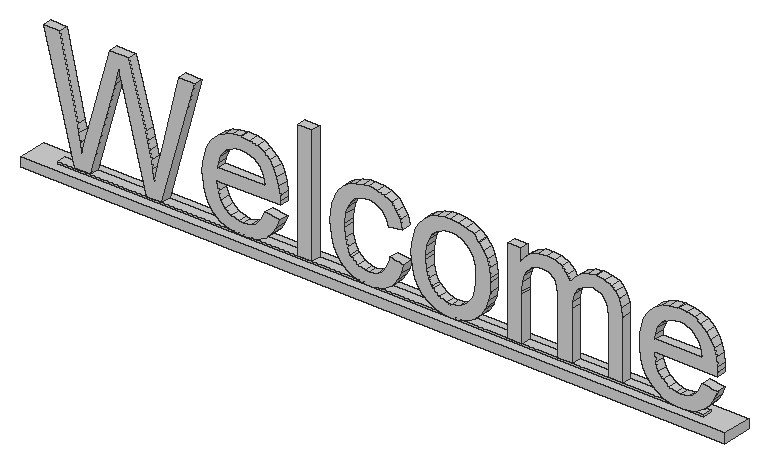
Revit family "Trellis_Canopy-McD", category Generic Models, host Wall, Revit 2012
Parameters (values of type "Welcome Sign")
  Watermarked By = "http://revitwatermark.com"
  Type Mark = "ML"  # constant formula
  Type Comments = "Metal Lettering - By Others"
  Square Footage - Bounding Box = 2.60 SF  # constant formula
  Square Footage = 1.70 SF  # constant formula
  MasterFormat Number = "10.14.00"  # constant formula
  Manufacturer = "Everbrite"
  Letter Depth = 0' - 0 5/8"
  Keynote = "10.14.00"  # constant formula
  Finish = Metal - Aluminum
  Description = "Signage - Welcome"
  Base Length = 4' - 0"
  Base Height = 0' - 0 5/8"
  Base Depth = 0' - 2"
Reference planes (in)
  plane 1 "Center (Front/Back)": y = 0
  plane 2: z = 0
  plane 3 "Center (Left/Right)": x = 0
  plane 4 "Track Mount Front": y = -0.3125
  plane 5 "Track Mount Rear": y = 0.3125
  plane 6 "Base Rear": y = 1
  plane 7 "Base Front": y = -1
  plane 8 "Base Left": x = -24
  plane 9 "Base Right": x = 24
  plane 10: x = -22
  plane 11: x = 22
  plane 12 "Base Top": z = 0.625
  plane 13: z = 0.75
Forms (in)
  Extrusion 1, solid, material "Metal - Aluminum" <- "Finish"
    sketch origin (0, 0, 0) x (1, 0, 0) y (0, 0, 1)
      loop
        line (-20.84935, 0.75) -> (-19.76887, 0.75) -> (-18.07384, 6.85074) -> (-17.971, 7.22099) -> (-17.84072, 7.79009) -> (-17.77216, 7.51582) -> (-17.58703, 6.85074) -> (-15.90032, 0.75527) -> (-14.88555, 0.75527) -> (-12.69146, 8.75) -> (-13.75422, 8.75) -> (-15.00897, 3.61445) -> (-15.05011, 3.44304) -> (-15.18724, 2.87395) -> (-15.3038, 2.35285) -> (-15.40665, 1.87289) -> (-15.43407, 2.0443) -> (-15.51635, 2.55169) -> (-15.6192, 3.07279) -> (-15.74262, 3.60074) -> (-15.87289, 4.14926) -> (-16.03059, 4.70464) -> (-17.17564, 8.75) -> (-18.45095, 8.75) -> (-19.97311, 3.3539) -> (-20.0211, 3.14821) -> (-20.14452, 2.64768) -> (-20.32965, 1.87289) -> (-20.3365, 1.91403) -> (-20.43935, 2.44198) -> (-20.54905, 2.97679) -> (-20.66562, 3.5116) -> (-21.88608, 8.75) -> (-22.96941, 8.75) -> (-20.84935, 0.75)
      loop
        line (-10.93618, 1.02268) -> (-10.48365, 0.79641) -> (-9.96941, 0.66614) -> (-9.39346, 0.625) -> (-9.21519, 0.625) -> (-8.65981, 0.70042) -> (-8.16614, 0.85812) -> (-7.74104, 1.11181) -> (-7.67933, 1.15981) -> (-7.32279, 1.52321) -> (-7.04167, 1.96888) -> (-6.84968, 2.49684) -> (-7.86445, 2.62025) -> (-7.87817, 2.57911) -> (-8.13871, 2.06487) -> (-8.46783, 1.71519) -> (-8.8518, 1.51635) -> (-9.39346, 1.42722) -> (-9.69515, 1.45464) -> (-10.18882, 1.6192) -> (-10.60021, 1.9346) -> (-10.87447, 2.32542) -> (-11.0596, 2.81224) -> (-11.14188, 3.4019) -> (-6.82226, 3.4019) -> (-6.8154, 3.66245) -> (-6.82912, 3.99156) -> (-6.90454, 4.56065) -> (-7.04852, 5.06118) -> (-7.26108, 5.50686) -> (-7.55789, 5.8934) -> (-7.95359, 6.24051) -> (-8.39926, 6.48049) -> (-8.89979, 6.63133) -> (-9.44831, 6.67933) -> (-9.52374, 6.67933) -> (-10.07226, 6.61762) -> (-10.57279, 6.46677) -> (-11.01161, 6.21308) -> (-11.40243, 5.87025) -> (-11.59441, 5.64399) -> (-11.84125, 5.22574) -> (-12.01266, 4.74578) -> (-12.12237, 4.20411) -> (-12.15665, 3.60074) -> (-12.14979, 3.30591) -> (-12.07437, 2.73681) -> (-11.92353, 2.22943) -> (-11.70412, 1.79061) -> (-11.40929, 1.40665) -> (-11.33386, 1.33122) -> (-10.93618, 1.02268)
      loop
        line (-11.08703, 4.20411) -> (-7.85074, 4.20411) -> (-7.96044, 4.80063) -> (-8.173, 5.2326) -> (-8.22099, 5.30116) -> (-8.61867, 5.65084) -> (-9.09177, 5.83597) -> (-9.44146, 5.87025) -> (-9.96941, 5.78798) -> (-10.4288, 5.548) -> (-10.57279, 5.41772) -> (-10.87447, 5.01319) -> (-11.04589, 4.51266) -> (-11.08703, 4.20411)
      loop
        line (-5.64293, 0.75527) -> (-4.65559, 0.75527) -> (-4.65559, 8.75) -> (-5.64293, 8.75) -> (-5.64293, 0.75527)
      loop
        line (-3.20886, 2.22257) -> (-2.99631, 1.7769) -> (-2.70619, 1.39699) -> (-2.31065, 1.05696) -> (-1.86498, 0.81698) -> (-1.36445, 0.673) -> (-0.80222, 0.625) -> (-0.64451, 0.625) -> (-0.1097, 0.70728) -> (0.37711, 0.89926) -> (0.80222, 1.18724) -> (0.93935, 1.31751) -> (1.24789, 1.72205) -> (1.47416, 2.19515) -> (1.61129, 2.75053) -> (0.64451, 2.87395) -> (0.61023, 2.69568) -> (0.43882, 2.16772) -> (0.15084, 1.78376) -> (-0.28112, 1.52321) -> (-0.81593, 1.42722) -> (-1.09705, 1.45464) -> (-1.58386, 1.62606) -> (-1.98154, 1.96203) -> (-2.07068, 2.07859) -> (-2.26952, 2.48998) -> (-2.38608, 3.01793) -> (-2.42722, 3.65559) -> (-2.42036, 3.89557) -> (-2.35179, 4.48523) -> (-2.20095, 4.97205) -> (-1.96097, 5.3423) -> (-1.74156, 5.55485) -> (-1.28903, 5.79483) -> (-0.76108, 5.87025) -> (-0.37711, 5.82226) -> (0.08228, 5.57542) -> (0.3634, 5.2326) -> (0.56224, 4.69779) -> (1.5153, 4.84863) -> (1.3576, 5.3903) -> (1.09705, 5.84283) -> (0.73061, 6.22363) -> (0.28112, 6.48049) -> (-0.21941, 6.63133) -> (-0.79536, 6.67933) -> (-1.16561, 6.65876) -> (-1.68671, 6.5422) -> (-2.17352, 6.32964) -> (-2.48892, 6.11709) -> (-2.85232, 5.73998) -> (-3.12658, 5.27374) -> (-3.14715, 5.21203) -> (-3.31171, 4.73207) -> (-3.4077, 4.20411) -> (-3.43513, 3.62817) -> (-3.42827, 3.29905) -> (-3.35285, 2.72996) -> (-3.20886, 2.22257)
      loop
        line (2.54378, 1.7769) -> (2.83175, 1.39979) -> (2.87975, 1.35865) -> (3.27743, 1.03639) -> (3.72996, 0.80327) -> (4.23734, 0.66614) -> (4.79958, 0.625) -> (5.1904, 0.64557) -> (5.7115, 0.76213) -> (6.19831, 0.97468) -> (6.49314, 1.16667) -> (6.87711, 1.53006) -> (7.1788, 1.97574) -> (7.24051, 2.11973) -> (7.39135, 2.57226) -> (7.48049, 3.10707) -> (7.50791, 3.73101) -> (7.50106, 4.00527) -> (7.42563, 4.56751) -> (7.28165, 5.0749) -> (7.05538, 5.51371) -> (6.75369, 5.89768) -> (6.71255, 5.93196) -> (6.31487, 6.26108) -> (5.86234, 6.4942) -> (5.35496, 6.63133) -> (4.79958, 6.67933) -> (4.39504, 6.6519) -> (3.87395, 6.5422) -> (3.40084, 6.3365) -> (2.97574, 6.03481) -> (2.65348, 5.69198) -> (2.40665, 5.28059) -> (2.22838, 4.80749) -> (2.11867, 4.25897) -> (2.08439, 3.64873) -> (2.0981, 3.28534) -> (2.17352, 2.71625) -> (2.32437, 2.21572) -> (2.54378, 1.7769)
      loop
        line (3.26371, 2.51741) -> (3.48312, 2.09916) -> (3.57911, 1.98945) -> (3.98365, 1.64662) -> (4.45675, 1.4615) -> (4.79958, 1.42722) -> (5.32068, 1.50949) -> (5.76635, 1.74947) -> (6.01319, 1.98945) -> (6.26002, 2.36656) -> (6.41772, 2.84652) -> (6.49314, 3.42933) -> (6.5, 3.68302) -> (6.45201, 4.29325) -> (6.31487, 4.80063) -> (6.08861, 5.21888) -> (6.01319, 5.31487) -> (5.60179, 5.6577) -> (5.12869, 5.83597) -> (4.79958, 5.8634) -> (4.27163, 5.78798) -> (3.82595, 5.548) -> (3.57911, 5.31487) -> (3.33228, 4.93091) -> (3.16772, 4.45095) -> (3.09916, 3.86814) -> (3.0923, 3.64873) -> (3.13344, 3.03165) -> (3.26371, 2.51741)
      loop
        line (15.09464, 5.67039) -> (15.43407, 5.25317) -> (15.49578, 5.01319) -> (15.53007, 4.40295) -> (15.53007, 0.75527) -> (16.5037, 0.75527) -> (16.5037, 4.73207) -> (16.4557, 5.32859) -> (16.298, 5.82912) -> (16.04431, 6.20622) -> (15.76319, 6.42563) -> (15.29694, 6.61762) -> (14.71414, 6.67933) -> (14.65243, 6.67933) -> (14.1519, 6.6039) -> (13.69251, 6.41192) -> (13.28798, 6.09652) -> (12.93144, 5.66456) -> (12.7326, 6.04852) -> (12.34437, 6.41595) -> (11.86182, 6.61762) -> (11.29272, 6.67933) -> (10.7442, 6.61762) -> (10.26424, 6.42563) -> (9.88028, 6.14452) -> (9.53745, 5.73312) -> (9.53745, 6.54905) -> (8.65981, 6.54905) -> (8.65981, 0.75527) -> (9.6403, 0.75527) -> (9.6403, 3.75844) -> (9.6403, 3.94357) -> (9.68829, 4.53323) -> (9.798, 4.97205) -> (9.94199, 5.24631) -> (10.31224, 5.60971) -> (10.55222, 5.73312) -> (11.07331, 5.82912) -> (11.47099, 5.77426) -> (11.86182, 5.5) -> (12.03323, 5.10918) -> (12.1018, 4.51952) -> (12.1018, 0.75) -> (13.08228, 0.75) -> (13.08228, 4.12184) -> (13.10285, 4.52637) -> (13.23998, 5.04747) -> (13.48682, 5.42458) -> (13.53481, 5.47257) -> (13.96678, 5.73998) -> (14.50159, 5.82912) -> (14.59072, 5.82226) -> (15.09464, 5.67039)
      loop
        line (18.38239, 1.40665) -> (18.45781, 1.33122) -> (18.85549, 1.02268) -> (19.30802, 0.79641) -> (19.82226, 0.66614) -> (20.39135, 0.625) -> (20.57648, 0.625) -> (21.13186, 0.70042) -> (21.62553, 0.85812) -> (22.05064, 1.11181) -> (22.11235, 1.15981) -> (22.46889, 1.52321) -> (22.75, 1.96888) -> (22.94199, 2.49684) -> (21.92722, 2.62025) -> (21.91351, 2.57911) -> (21.65296, 2.06487) -> (21.32384, 1.71519) -> (20.93988, 1.51635) -> (20.39821, 1.42722) -> (20.09652, 1.45464) -> (19.60285, 1.6192) -> (19.19146, 1.9346) -> (18.9172, 2.32542) -> (18.73207, 2.81224) -> (18.64979, 3.4019) -> (22.96941, 3.4019) -> (22.97627, 3.66245) -> (22.96256, 3.99156) -> (22.88714, 4.56065) -> (22.74315, 5.06118) -> (22.52374, 5.50686) -> (22.23392, 5.89329) -> (21.83808, 6.24051) -> (21.39241, 6.48049) -> (20.89188, 6.63133) -> (20.3365, 6.67933) -> (20.26794, 6.67933) -> (19.71941, 6.61762) -> (19.21889, 6.46677) -> (18.78007, 6.21308) -> (18.38924, 5.87025) -> (18.19726, 5.64399) -> (17.95043, 5.22574) -> (17.77901, 4.74578) -> (17.66931, 4.20411) -> (17.63502, 3.60074) -> (17.64188, 3.30591) -> (17.7173, 2.73681) -> (17.86129, 2.22943) -> (18.08756, 1.79061) -> (18.38239, 1.40665)
      loop
        line (18.70465, 4.20411) -> (21.94093, 4.20411) -> (21.83123, 4.80063) -> (21.61868, 5.2326) -> (21.56382, 5.30116) -> (21.173, 5.65084) -> (20.6999, 5.83597) -> (20.35022, 5.87025) -> (19.82226, 5.78798) -> (19.36287, 5.548) -> (19.21889, 5.41772) -> (18.9172, 5.01319) -> (18.74578, 4.51266) -> (18.70465, 4.20411)
    from -0.3125 to 0.3125
  Extrusion 2, solid, material "Metal - Aluminum" <- "Finish"
    sketch origin (0, 0, 0) x (1, 0, 0) y (0, 1, 0)
      loop
        line (-24, 1) -> (-24, -1) -> (24, -1) -> (24, 1) -> (-24, 1)
    from 0 to 0.625
  Extrusion 3, solid, material "Metal - Aluminum" <- "Finish"
    sketch origin (0, 0, 0) x (1, 0, 0) y (0, 1, 0)
      loop
        line (-22, 0.3125) -> (-22, -0.3125) -> (22, -0.3125) -> (22, 0.3125) -> (-22, 0.3125)
    from 0.625 to 0.75
Dimensions and locks (in)
  equal spacing: plane 6 "Base Rear", plane 1 "Center (Front/Back)", plane 7 "Base Front"
  "Base Depth": plane 6 "Base Rear" to plane 7 "Base Front"
  equal spacing: plane 5 "Track Mount Rear", plane 1 "Center (Front/Back)", plane 4 "Track Mount Front"
  "Letter Depth": plane 5 "Track Mount Rear" to plane 4 "Track Mount Front"
  equal spacing: plane 8 "Base Left", plane 3 "Center (Left/Right)", plane 9 "Base Right"
  "Base Length": plane 8 "Base Left" to plane 9 "Base Right"
  locked: plane 8 "Base Left" to plane 10 at 2
  locked: plane 11 to plane 9 "Base Right" at 2
  "Base Height": plane 12 "Base Top" to plane 2
  locked: plane 13 to plane 12 "Base Top" at 0.125
  aligned and locked: plane 2 to level
  aligned and locked: plane 5 "Track Mount Rear" to Extrusion 1
  aligned and locked: Extrusion 1 to plane 4 "Track Mount Front"
  aligned and locked: Extrusion 2 sketch curve to plane 8 "Base Left"
  aligned and locked: plane 9 "Base Right" to Extrusion 2 sketch curve
  aligned and locked: Extrusion 2 sketch curve to plane 6 "Base Rear"
  aligned and locked: plane 7 "Base Front" to Extrusion 2 sketch curve
  aligned and locked: plane 12 "Base Top" to Extrusion 2
  aligned and locked: plane 4 "Track Mount Front" to Extrusion 3 sketch curve
  aligned and locked: Extrusion 3 sketch curve to plane 5 "Track Mount Rear"
  aligned and locked: Extrusion 3 sketch curve to plane 10
  aligned and locked: plane 11 to Extrusion 3 sketch curve
  aligned and locked: Extrusion 1 to plane 13
  aligned and locked: plane 13 to Extrusion 3
  aligned and locked: Extrusion 3 to plane 12 "Base Top"
Automatic sketch dimensions
  level to Extrusion 1 sketch curve = 0' - 8 3/4"  (x2)
  Extrusion 1 sketch curve to plane 3 "Center (Left/Right)" = 1' - 10.96941"
  Extrusion 1 sketch curve to Extrusion 1 sketch curve = 0' - 1.08333"
  level to Extrusion 1 sketch curve = 0' - 0 3/4"  (x2)
  Extrusion 1 sketch curve to Extrusion 1 sketch curve = 0' - 1.03674"
  level to Extrusion 1 sketch curve = 0' - 3.5116"
  Extrusion 1 sketch curve to Extrusion 1 sketch curve = 0' - 0.18373"
  level to Extrusion 1 sketch curve = 0' - 2.97679"
  Extrusion 1 sketch curve to Extrusion 1 sketch curve = 0' - 0.11656"  (x4)
  level to Extrusion 1 sketch curve = 0' - 2.44198"
  Extrusion 1 sketch curve to Extrusion 1 sketch curve = 0' - 0.1097"  (x9)
  level to Extrusion 1 sketch curve = 0' - 1.91403"
  Extrusion 1 sketch curve to Extrusion 1 sketch curve = 0' - 0.10285"  (x3)
  level to Extrusion 1 sketch curve = 0' - 1.87289"  (x2)
  Extrusion 1 sketch curve to Extrusion 1 sketch curve = 0' - 0.00686"  (x12)
  level to Extrusion 1 sketch curve = 0' - 2.64768"
  Extrusion 1 sketch curve to Extrusion 1 sketch curve = 0' - 0.29483"  (x4)
  level to Extrusion 1 sketch curve = 0' - 3.14821"
  Extrusion 1 sketch curve to Extrusion 1 sketch curve = 0' - 0.12342"  (x3)
  level to Extrusion 1 sketch curve = 0' - 3.3539"
  Extrusion 1 sketch curve to Extrusion 1 sketch curve = 0' - 0.048"  (x7)
  Extrusion 1 sketch curve to Extrusion 1 sketch curve = 0' - 1.08047"
  Extrusion 1 sketch curve to Extrusion 1 sketch curve = 0' - 3.43513"
  level to Extrusion 1 sketch curve = 0' - 6.85074"  (x2)
  Extrusion 1 sketch curve to Extrusion 1 sketch curve = 0' - 0.37711"  (x3)
  level to Extrusion 1 sketch curve = 0' - 7.22099"
  level to Extrusion 1 sketch curve = 0' - 7.79009"
  Extrusion 1 sketch curve to Extrusion 1 sketch curve = 0' - 0.13027"  (x5)
  level to Extrusion 1 sketch curve = 0' - 7.51582"
  Extrusion 1 sketch curve to Extrusion 1 sketch curve = 0' - 0.06857"  (x5)
  Extrusion 1 sketch curve to Extrusion 1 sketch curve = 0' - 0.48681"  (x6)
  Extrusion 1 sketch curve to Extrusion 1 sketch curve = 0' - 0.66508"
  level to Extrusion 1 sketch curve = 0' - 4.70464"
  Extrusion 1 sketch curve to Extrusion 1 sketch curve = 0' - 1.55643"
  level to Extrusion 1 sketch curve = 0' - 0.75527"  (x4)
  Extrusion 1 sketch curve to Extrusion 1 sketch curve = 0' - 3.86855"
  level to Extrusion 1 sketch curve = 0' - 4.14926"
  Extrusion 1 sketch curve to Extrusion 1 sketch curve = 0' - 0.1577"  (x5)
  level to Extrusion 1 sketch curve = 0' - 3.60074"  (x3)
  level to Extrusion 1 sketch curve = 0' - 3.07279"
  level to Extrusion 1 sketch curve = 0' - 2.55169"
  level to Extrusion 1 sketch curve = 0' - 2.0443"
  Extrusion 1 sketch curve to Extrusion 1 sketch curve = 0' - 0.08228"  (x4)
  Extrusion 1 sketch curve to Extrusion 1 sketch curve = 0' - 0.02743"  (x5)
  level to Extrusion 1 sketch curve = 0' - 2.35285"
  Extrusion 1 sketch curve to Extrusion 1 sketch curve = 0' - 0.21255"  (x8)
  level to Extrusion 1 sketch curve = 0' - 2.87395"
  Extrusion 1 sketch curve to Extrusion 1 sketch curve = 0' - 0.32911"  (x7)
  level to Extrusion 1 sketch curve = 0' - 3.44304"
  Extrusion 1 sketch curve to Extrusion 1 sketch curve = 0' - 0.13713"  (x6)
  level to Extrusion 1 sketch curve = 0' - 3.61445"
  Extrusion 1 sketch curve to Extrusion 1 sketch curve = 0' - 0.04114"  (x8)
  Extrusion 1 sketch curve to Extrusion 1 sketch curve = 0' - 1.01477"
  Extrusion 1 sketch curve to Extrusion 1 sketch curve = 0' - 3.42141"
  Extrusion 1 sketch curve to Extrusion 1 sketch curve = 0' - 1.06276"
  Extrusion 1 sketch curve to Extrusion 1 sketch curve = 0' - 0"
  Extrusion 1 sketch curve to Extrusion 1 sketch curve = 0' - 2.85232"
  level to Extrusion 1 sketch curve = 0' - 3.30591"  (x2)
  level to Extrusion 1 sketch curve = 0' - 4.20411"  (x2)
  Extrusion 1 sketch curve to Extrusion 1 sketch curve = 0' - 0.03428"  (x7)
  level to Extrusion 1 sketch curve = 0' - 2.73681"  (x2)
  Extrusion 1 sketch curve to Extrusion 1 sketch curve = 0' - 0.07542"  (x12)
  level to Extrusion 1 sketch curve = 0' - 4.74578"  (x2)
  level to Extrusion 1 sketch curve = 0' - 2.22943"  (x2)
  Extrusion 1 sketch curve to Extrusion 1 sketch curve = 0' - 0.15084"  (x8)
  level to Extrusion 1 sketch curve = 0' - 5.22574"  (x2)
  Extrusion 1 sketch curve to Extrusion 1 sketch curve = 0' - 0.17141"  (x7)
  level to Extrusion 1 sketch curve = 0' - 1.79061"  (x2)
  Extrusion 1 sketch curve to Extrusion 1 sketch curve = 0' - 0.21941"  (x6)
  level to Extrusion 1 sketch curve = 0' - 5.64399"  (x2)
  Extrusion 1 sketch curve to Extrusion 1 sketch curve = 0' - 0.24684"  (x9)
  level to Extrusion 1 sketch curve = 0' - 1.40665"  (x2)
  Extrusion 1 sketch curve to Extrusion 1 sketch curve = 0' - 0.19198"  (x6)
  level to Extrusion 1 sketch curve = 0' - 1.33122"  (x2)
  level to Extrusion 1 sketch curve = 0' - 3.4019"  (x2)
  Extrusion 1 sketch curve to Extrusion 1 sketch curve = 0' - 1.00791"  (x4)
  level to Extrusion 1 sketch curve = 0' - 2.81224"  (x2)
  Extrusion 1 sketch curve to Extrusion 1 sketch curve = 0' - 0.39082"  (x5)
  level to Extrusion 1 sketch curve = 0' - 1.02268"  (x2)
  Extrusion 1 sketch curve to Extrusion 1 sketch curve = 0' - 0.39768"  (x7)
  level to Extrusion 1 sketch curve = 0' - 2.32542"  (x2)
  Extrusion 1 sketch curve to Extrusion 1 sketch curve = 0' - 0.18513"  (x5)
  level to Extrusion 1 sketch curve = 0' - 1.9346"  (x2)
  Extrusion 1 sketch curve to Extrusion 1 sketch curve = 0' - 0.27426"  (x6)
  Extrusion 1 sketch curve to Extrusion 1 sketch curve = 0' - 0.43882"  (x5)
  level to Extrusion 1 sketch curve = 0' - 0.79641"  (x2)
  Extrusion 1 sketch curve to Extrusion 1 sketch curve = 0' - 0.45253"  (x6)
  level to Extrusion 1 sketch curve = 0' - 1.6192"  (x2)
  Extrusion 1 sketch curve to Extrusion 1 sketch curve = 0' - 0.41139"  (x6)
  Extrusion 1 sketch curve to Extrusion 1 sketch curve = 0' - 0.50053"  (x8)
  level to Extrusion 1 sketch curve = 0' - 0.66614"  (x3)
  Extrusion 1 sketch curve to Extrusion 1 sketch curve = 0' - 0.51424"  (x3)
  level to Extrusion 1 sketch curve = 0' - 1.45464"  (x2)
  Extrusion 1 sketch curve to Extrusion 1 sketch curve = 0' - 0.49367"  (x4)
  Extrusion 1 sketch curve to Extrusion 1 sketch curve = 0' - 0.54852"  (x5)
  level to Extrusion 1 sketch curve = 0' - 1.42722"  (x3)
  Extrusion 1 sketch curve to Extrusion 1 sketch curve = 0' - 0.30169"  (x7)
  Extrusion 1 sketch curve to Extrusion 1 sketch curve = 0' - 0.57595"  (x2)
  Extrusion 1 sketch curve to Extrusion 1 sketch curve = 0' - 0.17827"  (x4)
  level to Extrusion 1 sketch curve = 0' - 1.51635"  (x2)
  Extrusion 1 sketch curve to Extrusion 1 sketch curve = 0' - 0.54167"  (x3)
  level to Extrusion 1 sketch curve = 0' - 0.70042"  (x2)
  Extrusion 1 sketch curve to Extrusion 1 sketch curve = 0' - 0.55538"  (x6)
  level to Extrusion 1 sketch curve = 0' - 1.71519"  (x2)
  Extrusion 1 sketch curve to Extrusion 1 sketch curve = 0' - 0.38397"  (x7)
  level to Extrusion 1 sketch curve = 0' - 0.85812"  (x2)
  level to Extrusion 1 sketch curve = 0' - 2.06487"  (x2)
  Extrusion 1 sketch curve to Extrusion 1 sketch curve = 0' - 0.44568"  (x7)
  level to Extrusion 1 sketch curve = 0' - 2.57911"  (x2)
  Extrusion 1 sketch curve to Extrusion 1 sketch curve = 0' - 0.26055"  (x5)
  level to Extrusion 1 sketch curve = 0' - 2.62025"  (x2)
  Extrusion 1 sketch curve to Extrusion 1 sketch curve = 0' - 0.01371"  (x3)
  level to Extrusion 1 sketch curve = 0' - 1.11181"  (x2)
  Extrusion 1 sketch curve to Extrusion 1 sketch curve = 0' - 0.42511"  (x4)
  level to Extrusion 1 sketch curve = 0' - 1.15981"  (x2)
  Extrusion 1 sketch curve to Extrusion 1 sketch curve = 0' - 0.06171"  (x9)
  Extrusion 1 sketch curve to Extrusion 1 sketch curve = 0' - 0.3957"
  level to Extrusion 1 sketch curve = 0' - 1.52321"  (x2)
  Extrusion 1 sketch curve to Extrusion 1 sketch curve = 0' - 0.35654"  (x2)
  Extrusion 1 sketch curve to Extrusion 1 sketch curve = 0' - 0.29681"
  level to Extrusion 1 sketch curve = 0' - 1.96888"  (x2)
  Extrusion 1 sketch curve to Extrusion 1 sketch curve = 0' - 0.28112"  (x5)
  Extrusion 1 sketch curve to Extrusion 1 sketch curve = 0' - 0.14399"  (x8)
  level to Extrusion 1 sketch curve = 0' - 2.49684"  (x2)
  Extrusion 1 sketch curve to Extrusion 1 sketch curve = 0' - 0.56909"  (x5)
  Extrusion 1 sketch curve to Extrusion 1 sketch curve = 0' - 0.22627"  (x5)
  Extrusion 1 sketch curve to Extrusion 1 sketch curve = 0' - 0.38655"
  Extrusion 1 sketch curve to Extrusion 1 sketch curve = 0' - 0.34283"  (x7)
  Extrusion 1 sketch curve to Extrusion 1 sketch curve = 0' - 0.3471"
  Extrusion 1 sketch curve to Extrusion 1 sketch curve = 0' - 0.25369"  (x3)
  Extrusion 1 sketch curve to Extrusion 1 sketch curve = 0' - 0.23998"  (x7)
  Extrusion 1 sketch curve to Extrusion 1 sketch curve = 0' - 0.05485"  (x4)
  level to Extrusion 1 sketch curve = 0' - 4.51266"  (x2)
  level to Extrusion 1 sketch curve = 0' - 5.01319"  (x3)
  Extrusion 1 sketch curve to Extrusion 1 sketch curve = 0' - 0.45939"  (x3)
  Extrusion 1 sketch curve to Extrusion 1 sketch curve = 0' - 0.52795"  (x7)
  Extrusion 1 sketch curve to Extrusion 1 sketch curve = 0' - 0.34968"  (x3)
  Extrusion 1 sketch curve to Extrusion 1 sketch curve = 0' - 0.4731"  (x8)
  Extrusion 1 sketch curve to Extrusion 1 sketch curve = 0' - 0.30854"  (x3)
  Extrusion 1 sketch curve to Extrusion 1 sketch curve = 0' - 0.59652"  (x2)
  Extrusion 1 sketch curve to Extrusion 1 sketch curve = 0' - 0.43196"  (x2)
  Extrusion 1 sketch curve to Extrusion 1 sketch curve = 0' - 0.40454"  (x7)
  Extrusion 1 sketch curve to Extrusion 1 sketch curve = 0' - 1.67985"
  Extrusion 1 sketch curve to Extrusion 1 sketch curve = 0' - 0.98734"
  Extrusion 1 sketch curve to Extrusion 1 sketch curve = 0' - 2.50949"
  Extrusion 1 sketch curve to Extrusion 1 sketch curve = 0' - 1.22046"
  Extrusion 1 sketch curve to Extrusion 1 sketch curve = 0' - 0.09599"  (x4)
  Extrusion 1 sketch curve to Extrusion 1 sketch curve = 0' - 0.16456"  (x2)
  Extrusion 1 sketch curve to Extrusion 1 sketch curve = 0' - 0.02057"  (x3)
  Extrusion 1 sketch curve to Extrusion 1 sketch curve = 0' - 0.29011"
  Extrusion 1 sketch curve to Extrusion 1 sketch curve = 0' - 0.3634"  (x3)
  level to Extrusion 1 sketch curve = 0' - 1.05696"
  Extrusion 1 sketch curve to Extrusion 1 sketch curve = 0' - 0.39554"
  Extrusion 1 sketch curve to Extrusion 1 sketch curve = 0' - 0.3154"
  Extrusion 1 sketch curve to Extrusion 1 sketch curve = 0' - 0.19884"  (x2)
  Extrusion 1 sketch curve to Extrusion 1 sketch curve = 0' - 0.08914"  (x3)
  level to Extrusion 1 sketch curve = 0' - 0.81698"
  level to Extrusion 1 sketch curve = 0' - 0.673"
  Extrusion 1 sketch curve to Extrusion 1 sketch curve = 0' - 0.5211"  (x5)
  Extrusion 1 sketch curve to Extrusion 1 sketch curve = 0' - 0.56224"  (x4)
  Extrusion 1 sketch curve to Extrusion 1 sketch curve = 0' - 0.37025"  (x3)
  Extrusion 1 sketch curve to plane 3 "Center (Left/Right)" = 0' - 0.37711"
  Extrusion 1 sketch curve to plane 3 "Center (Left/Right)" = 0' - 0.28112"
  Extrusion 1 sketch curve to plane 3 "Center (Left/Right)" = 0' - 0.21941"
  Extrusion 1 sketch curve to plane 3 "Center (Left/Right)" = 0' - 0.1097"
  plane 3 "Center (Left/Right)" to Extrusion 1 sketch curve = 0' - 0.08228"
  plane 3 "Center (Left/Right)" to Extrusion 1 sketch curve = 0' - 0.15084"
  plane 3 "Center (Left/Right)" to Extrusion 1 sketch curve = 0' - 0.28112"
  plane 3 "Center (Left/Right)" to Extrusion 1 sketch curve = 0' - 0.3634"
  plane 3 "Center (Left/Right)" to Extrusion 1 sketch curve = 0' - 0.37711"
  plane 3 "Center (Left/Right)" to Extrusion 1 sketch curve = 0' - 0.43882"
  plane 3 "Center (Left/Right)" to Extrusion 1 sketch curve = 0' - 0.56224"
  Extrusion 1 sketch curve to Extrusion 1 sketch curve = 0' - 0.44949"
  Extrusion 1 sketch curve to Extrusion 1 sketch curve = 0' - 0.36643"
  Extrusion 1 sketch curve to Extrusion 1 sketch curve = 0' - 0.28797"  (x2)
  Extrusion 1 sketch curve to Extrusion 1 sketch curve = 0' - 0.34003"
  Extrusion 1 sketch curve to Extrusion 1 sketch curve = 0' - 0.80222"
  Extrusion 1 sketch curve to Extrusion 1 sketch curve = 0' - 0.37991"
  Extrusion 1 sketch curve to Extrusion 1 sketch curve = 0' - 0.33597"
  Extrusion 1 sketch curve to Extrusion 1 sketch curve = 0' - 0.50738"  (x5)
  Extrusion 1 sketch curve to Extrusion 1 sketch curve = 0' - 0.63766"
  Extrusion 1 sketch curve to Extrusion 1 sketch curve = 0' - 0.58966"  (x2)
  Extrusion 1 sketch curve to Extrusion 1 sketch curve = 0' - 1.82384"
  Extrusion 1 sketch curve to Extrusion 1 sketch curve = 0' - 0.47996"  (x3)
  Extrusion 1 sketch curve to Extrusion 1 sketch curve = 0' - 0.53481"  (x2)
  Extrusion 1 sketch curve to Extrusion 1 sketch curve = 0' - 0.46624"  (x2)
  Extrusion 1 sketch curve to Extrusion 1 sketch curve = 0' - 0.3808"
  Extrusion 1 sketch curve to Extrusion 1 sketch curve = 0' - 0.25685"
  level to Extrusion 1 sketch curve = 0' - 1.39979"
  level to Extrusion 1 sketch curve = 0' - 1.35865"
  Extrusion 1 sketch curve to Extrusion 1 sketch curve = 0' - 0.32226"
  level to Extrusion 1 sketch curve = 0' - 1.03639"
  level to Extrusion 1 sketch curve = 0' - 0.80327"
  level to Extrusion 1 sketch curve = 0' - 0 5/8"
  level to Extrusion 1 sketch curve = 0' - 0.64557"
  level to Extrusion 1 sketch curve = 0' - 0.76213"
  level to Extrusion 1 sketch curve = 0' - 0.97468"
  level to Extrusion 1 sketch curve = 0' - 1.16667"
  level to Extrusion 1 sketch curve = 0' - 1.53006"
  level to Extrusion 1 sketch curve = 0' - 1.97574"
  level to Extrusion 1 sketch curve = 0' - 2.11973"
  level to Extrusion 1 sketch curve = 0' - 2.57226"
  level to Extrusion 1 sketch curve = 0' - 3.10707"
  level to Extrusion 1 sketch curve = 0' - 3.73101"
  Extrusion 1 sketch curve to Extrusion 1 sketch curve = 0' - 0.61023"  (x2)
  Extrusion 1 sketch curve to Extrusion 1 sketch curve = 0' - 0.23312"  (x2)
  Extrusion 1 sketch curve to Extrusion 1 sketch curve = 0' - 0.2057"
  level to Extrusion 1 sketch curve = 0' - 1.64662"
  level to Extrusion 1 sketch curve = 0' - 1.4615"
  level to Extrusion 1 sketch curve = 0' - 1.50949"
  level to Extrusion 1 sketch curve = 0' - 1.74947"
  level to Extrusion 1 sketch curve = 0' - 1.98945"
  level to Extrusion 1 sketch curve = 0' - 2.36656"
  level to Extrusion 1 sketch curve = 0' - 2.84652"
  Extrusion 1 sketch curve to Extrusion 1 sketch curve = 0' - 0.41825"  (x2)
  Extrusion 1 sketch curve to Extrusion 1 sketch curve = 0' - 0.58281"  (x3)
  Extrusion 1 sketch curve to Extrusion 1 sketch curve = 0' - 0.61709"
  Extrusion 1 sketch curve to Extrusion 1 sketch curve = 0' - 1.48101"
  Extrusion 1 sketch curve to Extrusion 1 sketch curve = 0' - 0.87764"
  Extrusion 1 sketch curve to Extrusion 1 sketch curve = 0' - 0 251/256"  (x2)
  level to Extrusion 1 sketch curve = 0' - 4.53323"
  level to Extrusion 1 sketch curve = 0' - 5 1/2"
  level to Extrusion 1 sketch curve = 0' - 5.10918"
  Extrusion 1 sketch curve to Extrusion 1 sketch curve = 0' - 2.4615"
  Extrusion 1 sketch curve to Extrusion 1 sketch curve = 0' - 0.48255"
  level to Extrusion 1 sketch curve = 0' - 6.04852"
  Extrusion 1 sketch curve to Extrusion 1 sketch curve = 0' - 0.38823"
  level to Extrusion 1 sketch curve = 0' - 5.66456"
  level to Extrusion 1 sketch curve = 0' - 4.52637"
  level to Extrusion 1 sketch curve = 0' - 5.04747"
  level to Extrusion 1 sketch curve = 0' - 6.09652"
  level to Extrusion 1 sketch curve = 0' - 5.42458"
  level to Extrusion 1 sketch curve = 0' - 5.47257"
  level to Extrusion 1 sketch curve = 0' - 6.41192"
  level to Extrusion 1 sketch curve = 0' - 5.73998"
  level to Extrusion 1 sketch curve = 0' - 6.6039"
  level to Extrusion 1 sketch curve = 0' - 5.82912"  (x2)
  level to Extrusion 1 sketch curve = 0' - 5.82226"
  level to Extrusion 1 sketch curve = 0' - 5.67039"
  Extrusion 1 sketch curve to Extrusion 1 sketch curve = 0' - 0 129/256"
  level to Extrusion 1 sketch curve = 0' - 6.61762"  (x2)
  level to Extrusion 1 sketch curve = 0' - 5.25317"
  Extrusion 1 sketch curve to Extrusion 1 sketch curve = 0' - 0.33944"
  level to Extrusion 1 sketch curve = 0' - 4.40295"
  level to Extrusion 1 sketch curve = 0' - 6.42563"
  level to Extrusion 1 sketch curve = 0' - 6.20622"
  level to Extrusion 1 sketch curve = 0' - 5.32859"
  Extrusion 1 sketch curve to Extrusion 1 sketch curve = 0' - 0.97363"
  Extrusion 1 sketch curve to Extrusion 1 sketch curve = 0' - 0.77479"
  Extrusion 1 sketch curve to Extrusion 1 sketch curve = 0' - 0.36743"
  Extrusion 1 sketch curve to Extrusion 1 sketch curve = 0' - 0.20166"
  Extrusion 1 sketch curve to Extrusion 1 sketch curve = 0' - 1.13133"
  level to Extrusion 1 sketch curve = 0' - 5.87025"  (x2)
  level to Extrusion 1 sketch curve = 0' - 6.21308"
  level to Extrusion 1 sketch curve = 0' - 6.46677"
  level to Extrusion 1 sketch curve = 0' - 6.63133"
  level to Extrusion 1 sketch curve = 0' - 6 123/256"
  level to Extrusion 1 sketch curve = 0' - 6.24051"
  level to Extrusion 1 sketch curve = 0' - 5.89329"
  Extrusion 1 sketch curve to Extrusion 1 sketch curve = 0' - 0.39583"
  level to Extrusion 1 sketch curve = 0' - 5.50686"
  Extrusion 1 sketch curve to Extrusion 1 sketch curve = 0' - 0.28982"
  level to Extrusion 1 sketch curve = 0' - 5.06118"
  level to Extrusion 1 sketch curve = 0' - 4.56065"
  level to Extrusion 1 sketch curve = 0' - 3.99156"
  level to Extrusion 1 sketch curve = 0' - 3.66245"
  level to Extrusion 1 sketch curve = 0' - 5.41772"
  level to Extrusion 1 sketch curve = 0' - 5.548"
  level to Extrusion 1 sketch curve = 0' - 5.78798"
  level to Extrusion 1 sketch curve = 0' - 5.83597"
  level to Extrusion 1 sketch curve = 0' - 5.65084"
  level to Extrusion 1 sketch curve = 0' - 5.30116"
  level to Extrusion 1 sketch curve = 0' - 5.2326"
  level to Extrusion 1 sketch curve = 0' - 4.80063"
Types in the file's own list only (5): name | Welcome Sign Option | Welcome Sign Height | Type Mark | Trellis Tube Linear Feet | Trellis Panel Area | Trellis Fascia Linear Feet | Tieback Height | Support Width | Support Spacing | Support Left Offset | Support Depth | Support Array | Tieback Option | Standard Support Left Offset | Panel Option | MasterFormat Number | Light Option | Length | Keynote | Height | Fascia Option | Fascia Height | Fascia Finish | Depth | Custom Tieback Height | Custom Support Left Offset | Assembly Code
  Canopy - 8'-0" x 3'-0" | No | 1' - 4" | "C1" | 26' - 8" | 18.76 SF | 14' - 0" | 2' - 1" | 0' - 1" | 6' - 0" | 1' - 0" | 2' - 8" | 2 | Yes | 1' - 0" | Yes | "05.70.00" | Yes | 8' - 0" | "05.70.00" | 0' - 8" | Yes | 1' - 4" | Metal - Aluminum - McD Yellow - McD | 3' - 0" | 0' - 0" | 0' - 0" | "B2010400"
  Canopy - 28'-0" x 3'-0" | Yes | 1' - 4" | "C1" | 72' - 0" | 69.12 SF | 34' - 0" | 2' - 1" | 0' - 1" | 7' - 7" | 2' - 7 1/2" | 2' - 8" | 4 | Yes | 2' - 7 1/2" | Yes | "05.70.00" | Yes | 28' - 0" | "05.70.00" | 0' - 8" | Yes | 1' - 4" | Metal - Aluminum - McD Yellow - McD | 3' - 0" | 0' - 0" | 0' - 0" | "B2010400"
  Trellis - 6'-0" x 4'-0" | Yes | 0' - 8" | "T1" | 26' - 8" | 18.97 SF | 0' - 0" | 2' - 1" | 0' - 1" | 4' - 0" | 1' - 0" | 3' - 8" | 2 | Yes | 1' - 0" | Yes | "05.70.00" | No | 6' - 0" | "05.70.00" | 0' - 8" | No | 1' - 4" | Metal - Aluminum - McD Yellow - McD | 4' - 0" | 2' - 1" | 0' - 0" | "B2010400"
  Trellis - 58'-8" x 4'-0" | Yes | 0' - 8" | "T1" | 154' - 0" | 202.92 SF | 0' - 0" | 2' - 11" | 0' - 1" | 7' - 4" | 3' - 8" | 3' - 8" | 8 | Yes | 3' - 8" | Yes | "05.70.00" | No | 58' - 8" | "05.70.00" | 0' - 8" | No | 1' - 4" | Metal - Aluminum - McD Yellow - McD | 4' - 0" | 2' - 11" | 0' - 0" | "B2010400"
  Trellis - 15'-0" x 4'-0" | No | 0' - 8" | "T1" | 44' - 8" | 51.03 SF | 0' - 0" | 2' - 11" | 0' - 1" | 7' - 4" | 3' - 10" | 3' - 8" | 2 | Yes | 3' - 10" | Yes | "05.70.00" | No | 15' - 0" | "05.70.00" | 0' - 8" | No | 1' - 4" | Metal - Aluminum - McD Yellow - McD | 4' - 0" | 2' - 11" | 0' - 0" | "B2010400"
